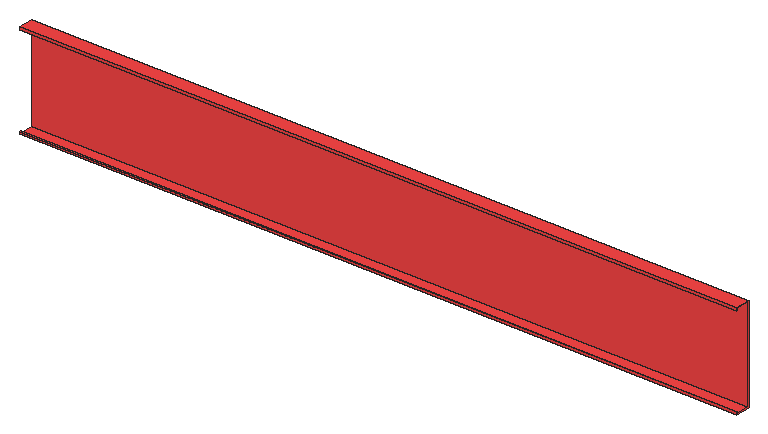
Revit family "BIMSF-SSMA-S1", category Structural Framing, Revit 2024
Family settings
  Section Shape = C Profile with Lips
  Material for Model Behavior = Steel
  Always export as geometry = No
  Always vertical = Yes
  Cut with Voids When Loaded = No
  Symbolic Representation = From Project Settings
  Shared = No
  Show family pre-cut in plan views = Yes
Parameters (values of type "CF 800S125-33")
  Weight = 1.25 lbf/ft
  Structural Material = MWF_RED
  Short Tag = ""
  Return = 0' - 0.188"
  Reported Length [instance] = 5' - 0"
  Model = "V2"
  Long Tag = ""
  Assembly Code = "B10"
  Length [instance] = 5' - 0"
  bf = 0' - 1 1/4"
  d = 0' - 8"
  tf = 0' - 0.03474"
Types (24): name | Weight | Structural Material | Return | bf | d | tf
  800S162-43(33) | 1.83 lbf/ft | Metal - Steel - ASTM A992 | 0' - 0 1/2" | 0' - 1.62" | 0' - 8" | 0' - 0.04526"
  CF 600S200-54(50) | 2.09 lbf/ft | MWF_RED | 0' - 0 5/8" | 0' - 2" | 0' - 6" | 0' - 0.05684"
  600S200-54(50) | 2.09 lbf/ft | Metal - Steel - ASTM A992 | 0' - 0 5/8" | 0' - 2" | 0' - 6" | 0' - 0.05684"
  CF 400S125-33 | 0.77 lbf/ft | MWF_RED | 0' - 0.188" | 0' - 1 1/4" | 0' - 4" | 0' - 0.03474"
  362S125-18(33) | 0.73 lbf/ft | Metal - Steel - ASTM A992 | 0' - 0.188" | 0' - 1 1/4" | 0' - 3.62" | 0' - 0.03474"
  CF 362S125-33 | 0.73 lbf/ft | MWF_RED | 0' - 0.188" | 0' - 1 1/4" | 0' - 3.62" | 0' - 0.03474"
  800S125-33(33) | 1.25 lbf/ft | Default | 0' - 0.188" | 0' - 1 1/4" | 0' - 8" | 0' - 0.03474"
  CF 800S125-33 | 1.25 lbf/ft | MWF_RED | 0' - 0.188" | 0' - 1 1/4" | 0' - 8" | 0' - 0.03474"
  CF 600S125-33 | 1.01 lbf/ft | MWF_RED | 0' - 0.188" | 0' - 1 1/4" | 0' - 6" | 0' - 0.03474"
  600S125-18(33) | 1.01 lbf/ft | Metal - Steel - ASTM A992 | 0' - 0.188" | 0' - 1 1/4" | 0' - 6" | 0' - 0.03474"
  800S125-33 RED | 1.25 lbf/ft | MWF_RED | 0' - 0.188" | 0' - 1 1/4" | 0' - 8" | 0' - 0.03474"
  400S125-33 RED | 0.77 lbf/ft | Metal - Steel - ASTM A992 | 0' - 0.188" | 0' - 1 1/4" | 0' - 4" | 0' - 0.03474"
  362S125-33 RED | 0.73 lbf/ft | MWF_RED | 0' - 0.188" | 0' - 1 1/4" | 0' - 3.62" | 0' - 0.03474"
  600S137-33(33) | 1.08 lbf/ft | Metal - Steel - ASTM A992 | 0' - 0 3/8" | 0' - 1.37" | 0' - 6" | 0' - 0.03474"
  800S125-18(33) | 1.25 lbf/ft | Metal - Steel - ASTM A992 | 0' - 0.188" | 0' - 1 1/4" | 0' - 8" | 0' - 0.03474"
  600S125-33 | 1.01 lbf/ft | Metal - Steel - ASTM A992 | 0' - 0.188" | 0' - 1 1/4" | 0' - 6" | 0' - 0.03474"
  550S125-33 | 0.95 lbf/ft | Metal - Steel - ASTM A992 | 0' - 0.188" | 0' - 1 1/4" | 0' - 5 1/2" | 0' - 0.03474"
  400S125-33 | 0.77 lbf/ft | Metal - Steel - ASTM A992 | 0' - 0.188" | 0' - 1 1/4" | 0' - 4" | 0' - 0.03474"
  362S125-33 | 0.73 lbf/ft | Metal - Steel - ASTM A992 | 0' - 0.188" | 0' - 1 1/4" | 0' - 3.62" | 0' - 0.03474"
  350S125-33 | 0.72 lbf/ft | Metal - Steel - ASTM A992 | 0' - 0.188" | 0' - 1 1/4" | 0' - 3 1/2" | 0' - 0.03474"
  250S125-33 | 0.60 lbf/ft | Metal - Steel - ASTM A992 | 0' - 0.188" | 0' - 1 1/4" | 0' - 2 1/2" | 0' - 0.03474"
  162S125-33 | 0.49 lbf/ft | Metal - Steel - ASTM A992 | 0' - 0.188" | 0' - 1 1/4" | 0' - 1.62" | 0' - 0.03474"
  600S137-33 | 0.00 lbf/ft | Metal - Steel - ASTM A992 | 0' - 0 3/8" | 0' - 1.37" | 0' - 6" | 0' - 0.03474"
  1000S250-54 | 0.00 lbf/ft | Metal - Steel - ASTM A992 | 0' - 0 5/8" | 0' - 2 1/2" | 0' - 10" | 0' - 0.05684"
Reference planes (in)
  plane 1 "Center (Front/Back)": y = 0
  plane 2: z = 0
  plane 3 "Center (Left/Right)": x = 0.1815
  plane 4 "Top": z = 4
  plane 5: z = -4
  plane 6 "Left": x = -29.8185
  plane 7 "Right": x = 30.1815
  plane 8: y = -0.625
  plane 9: y = 0.625
  plane 10: y = 0.59026
  plane 11: y = -0.59026
  plane 12: z = 3.96526
  plane 13: z = -3.96526
  plane 14: z = 3.812
  plane 15: z = -3.812
Forms (in)
  Extrusion 1, solid, material "MWF_RED" <- "Structural Material", detail levels medium+fine
    sketch origin (-29.8185, 0.02734, 0.16016) x (0, -1, 0) y (0, 0, 1)
      loop
        line (0.65234, 3.83984) -> (-0.59766, 3.83984) -> (-0.59766, -4.16016) -> (0.65234, -4.16016) -> (0.65234, -3.97216) -> (0.61761, -3.97216) -> (0.61761, -4.12542) -> (-0.56292, -4.12542) -> (-0.56292, 3.80511) -> (0.61761, 3.80511) -> (0.61761, 3.65184) -> (0.65234, 3.65184) -> (0.65234, 3.83984)
    from -60 to 0
Lines and regions (in)
  model lines, style "BIMSF.Framing", not visible, detail levels coarse
    curve 1: line (-29.8185, 0, 0) -> (30.1815, 0, 0)
Dimensions and locks (in)
  "d": plane 5 to plane 4 "Top"
  equal spacing: plane 5, plane 2, plane 4 "Top"
  "Length": plane 6 "Left" to plane 7 "Right"
  "bf": plane 9 to plane 8
  equal spacing: plane 9, plane 1 "Center (Front/Back)", plane 8
  "tf": plane 4 "Top" to plane 12
  "tf": plane 13 to plane 5
  "tf": plane 11 to plane 8
  "tf": plane 9 to plane 10
  "Return": plane 4 "Top" to plane 14
  "Return": plane 5 to plane 15
  "Reported Length": plane 6 "Left" to plane 7 "Right"
  aligned and locked: Extrusion 1 sketch curve to plane 4 "Top"
  aligned and locked: plane 8 to Extrusion 1 sketch curve  (x2)
  aligned and locked: Extrusion 1 sketch curve to plane 14
  aligned and locked: Extrusion 1 sketch curve to plane 12
  aligned and locked: Extrusion 1 sketch curve to plane 11
  aligned and locked: Extrusion 1 sketch curve to plane 10
  aligned and locked: plane 13 to Extrusion 1 sketch curve
  aligned and locked: plane 11 to Extrusion 1 sketch curve
  aligned and locked: plane 15 to Extrusion 1 sketch curve
  aligned and locked: plane 5 to Extrusion 1 sketch curve
  aligned and locked: Extrusion 1 sketch curve to plane 9
  aligned and locked: plane 2 to level
  aligned and locked: Extrusion 1 to plane 7 "Right"
  aligned and locked: plane 6 "Left" to Extrusion 1
  aligned and locked: plane 1 "Center (Front/Back)" to curve 1
  aligned and locked: plane 6 "Left" to curve 1
  aligned and locked: plane 7 "Right" to curve 1
